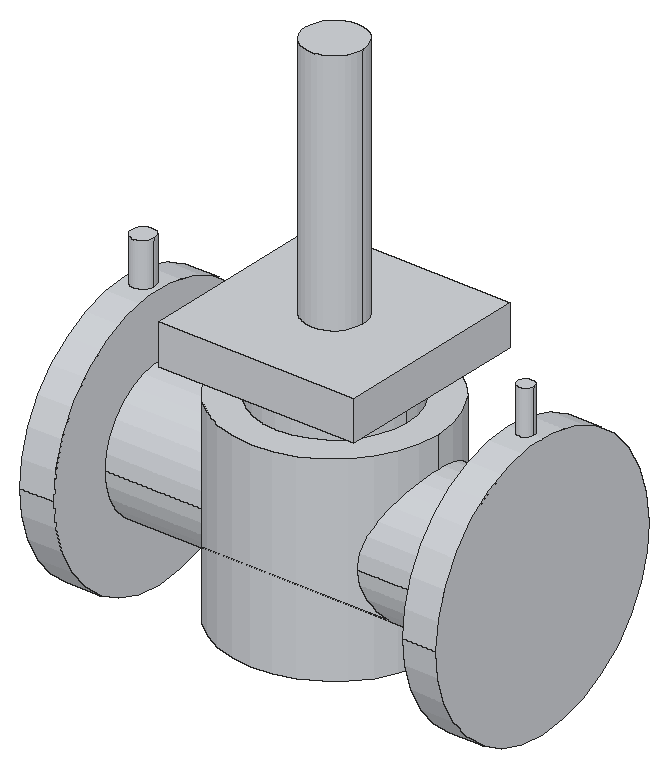
Revit family "OPTIMA_Compact_FLANGE_PN16_DN065-LF_RFA_2018", category Pipe Accessories, Revit 2018
Family settings
  Round Connector Dimension = Use Diameter
  Part Type = Valve - Breaks Into
  Work Plane-Based = No
  Always vertical = Yes
  Cut with Voids When Loaded = No
  Shared = No
Parameters (values of type "Optima Compact Flange PN16 DN065 LF")
  magiProductId = "Frese Optima Flange DN065 LF"
  magiProductFamilyId = "Frese Optima Flange *"
  magiPartTypeId = 304
  isMeasuringValve [instance] = no
  ang2D [instance] = 0.00°
  W2D = 50 mm
  VersionID = "2.0/2018.8.28.1/FRESE_OPTIMA_FLANGE_Q13_002"
  Use Minimum Symbol Size [instance] = yes
  URL = "www.hydronix.cz"
  Type Comments = "Přírubový; PN16; 0~120°C, s měřením"
  R4 = 50.75 mm
  R3 = 48.1 mm
  R1 = 72.5 mm
  QmdConnectorList = "301;D;302;D"
  Productdata [instance] = ""
  Manufacturer = "Hydronix"
  MC Product Code = "53-1201 (DN65 LF; 20mm; pohon min 1000N; Qmin-dpmin 4400l/h-15.0kPa; Qmax-dpmin 25000l/h-25.0kPa; dpmax 800kPa)"
  MC Piping Given Pressure Drop [instance] = 0.0 Pa
  LF__ve = -LF  # -23.2 mm
  LF2 = 11.6 mm
  LF = 23.2 mm
  L4 = 136.3 mm
  L3 = 243.6 mm
  L2D_Min = 3048 mm
  L2D = 230 mm
  L2 = 145 mm
  H6 = 171.25 mm
  H4 = 27.75 mm
  H3 = 23.125 mm
  H2 = 69.375 mm
  H1 = 138.75 mm
  Description = "Tlakově nezávislý 2-cestný regulační vyvažovací ventil (PICV)"
  DF2 = 92.5 mm
  D = 65 mm
  CAT0 = yes
Types (14, lengths in mm): name | magiProductId | magiProductFamilyId | W2D | Type Comments | R4 | R3 | R1 | MC Product Code | LF__ve | LF2 | LF | L4 | L3 | L2D | L2 | H6 | H4 | H3 | H2 | H1 | DF2 | D
  Optima Compact Flange PN16 DN050 LF | "Frese Optima Flange DN050 LF" | "Frese Optima Flange *" | 50 | "Přírubový; PN16; 0~120°C, s měřením" | 40.3 | 42.9 | 57.5 | "53-1200 (DN50 LF; 20mm; pohon min 1000N; Qmin-dpmin 2500l/h-6.5kPa; Qmax-dpmin 15000l/h-20.0kPa; dpmax 800kPa)" | -18.4 | 9.2 | 18.4 | 108.1 | 193.2 | 230 | 115 | 157.3 | 24.8 | 20.6 | 61.9 | 123.8 | 82.5 | 50
  Optima Compact Flange PN16 DN050 HF | "Frese Optima Flange DN050 HF" | "Frese Optima Flange *" | 50 | "Přírubový; PN16; 0~120°C, s měřením" | 40.25 | 42.9 | 57.5 | "53-1210 (DN50 HF; 20mm; pohon min 1000N; Qmin-dpmin 3900l/h-19.0kPa; Qmax-dpmin 24000l/h-50.0kPa; dpmax 800kPa)" | -18.4 | 9.2 | 18.4 | 108.1 | 193.2 | 230 | 115 | 157.25 | 24.75 | 20.625 | 61.875 | 123.75 | 82.5 | 50
  Optima Compact Flange PN16 DN065 LF | "Frese Optima Flange DN065 LF" | "Frese Optima Flange *" | 50 | "Přírubový; PN16; 0~120°C, s měřením" | 50.75 | 48.1 | 72.5 | "53-1201 (DN65 LF; 20mm; pohon min 1000N; Qmin-dpmin 4400l/h-15.0kPa; Qmax-dpmin 25000l/h-25.0kPa; dpmax 800kPa)" | -23.2 | 11.6 | 23.2 | 136.3 | 243.6 | 230 | 145 | 171.25 | 27.75 | 23.125 | 69.375 | 138.75 | 92.5 | 65
  Optima Compact Flange PN16 DN065 HF | "Frese Optima Flange DN065 HF" | "Frese Optima Flange *" | 50 | "Přírubový; PN16; 0~120°C, s měřením" | 50.75 | 48.1 | 72.5 | "53-1211 (DN65 HF; 20mm; pohon min 1000N; Qmin-dpmin 6000l/h-30.0kPa; Qmax-dpmin 35000l/h-55.0kPa; dpmax 800kPa)" | -23.2 | 11.6 | 23.2 | 136.3 | 243.6 | 230 | 145 | 171.25 | 27.75 | 23.125 | 69.375 | 138.75 | 92.5 | 65
  Optima Compact Flange PN16 DN080 LF | "Frese Optima Flange DN080 LF" | "Frese Optima Flange *" | 50 | "Přírubový; PN16; 0~120°C, s měřením" | 54.25 | 52 | 77.5 | "53-1202 (DN80 LF; 20mm; pohon min 1000N; Qmin-dpmin 5300l/h-16.0kPa; Qmax-dpmin 34000l/h-25.0kPa; dpmax 800kPa)" | -24.8 | 12.4 | 24.8 | 145.7 | 260.4 | 230 | 155 | 183 | 30 | 25 | 75 | 150 | 100 | 80
  Optima Compact Flange PN16 DN080 HF | "Frese Optima Flange DN080 HF" | "Frese Optima Flange *" | 50 | "Přírubový; PN16; 0~120°C, s měřením" | 54.25 | 52 | 77.5 | "53-1212 (DN80 HF; 20mm; pohon min 1000N; Qmin-dpmin 7000l/h-23.0kPa; Qmax-dpmin 43000l/h-50.0kPa; dpmax 800kPa)" | -24.8 | 12.4 | 24.8 | 145.7 | 260.4 | 230 | 155 | 183 | 30 | 25 | 75 | 150 | 100 | 80
  Optima Compact Flange PN16 DN100 LF | "Frese Optima Flange DN100 LF" | "Frese Optima Flange *" | 50 | "Přírubový; PN16; 0~120°C, s měřením" | 61.25 | 61.1 | 87.5 | "53-1203 (DN100 LF; 40mm; pohon min 1000N; Qmin-dpmin 12100l/h-20.0kPa; Qmax-dpmin 68000l/h-35.0kPa; dpmax 800kPa)" | -28 | 14 | 28 | 164.5 | 294 | 230 | 175 | 268.75 | 35.25 | 29.375 | 88.125 | 176.25 | 117.5 | 100
  Optima Compact Flange PN16 DN100 HF | "Frese Optima Flange DN100 HF" | "Frese Optima Flange *" | 50 | "Přírubový; PN16; 0~120°C, s měřením" | 61.25 | 61.1 | 87.5 | "53-1213 (DN100 HF; 40mm; pohon min 1000N; Qmin-dpmin 14800l/h-30.0kPa; Qmax-dpmin 90000l/h-75.0kPa; dpmax 800kPa)" | -28 | 14 | 28 | 164.5 | 294 | 230 | 175 | 268.75 | 35.25 | 29.375 | 88.125 | 176.25 | 117.5 | 100
  Optima Compact Flange PN16 DN125 LF | "Frese Optima Flange DN125 LF" | "Frese Optima Flange *" | 50 | "Přírubový; PN16; 0~120°C, s měřením" | 70 | 70.2 | 100 | "53-1204 (DN125 LF; 40mm; pohon min 1000N; Qmin-dpmin 18500l/h-16.0kPa; Qmax-dpmin 110000l/h-35.0kPa; dpmax 800kPa)" | -32 | 16 | 32 | 188 | 336 | 230 | 200 | 275.5 | 40.5 | 33.75 | 101.25 | 202.5 | 135 | 125
  Optima Compact Flange PN16 DN125 HF | "Frese Optima Flange DN125 HF" | "Frese Optima Flange *" | 50 | "Přírubový; PN16; 0~120°C, s měřením" | 70 | 70.2 | 100 | "53-1214 (DN125 HF; 40mm; pohon min 1000N; Qmin-dpmin 23000l/h-27.0kPa; Qmax-dpmin 135000l/h-53.0kPa; dpmax 800kPa)" | -32 | 16 | 32 | 188 | 336 | 230 | 200 | 275.5 | 40.5 | 33.75 | 101.25 | 202.5 | 135 | 125
  Optima Compact Flange PN16 DN150 LF | "Frese Optima Flange DN150 LF" | "Frese Optima Flange *" | 50 | "Přírubový; PN16; 0~110°C, s měřením" | 84 | 74.1 | 120 | "53-1205 (DN150 LF; 43mm; pohon min 1500N; Qmin-dpmin 25600l/h-21.0kPa; Qmax-dpmin 148000l/h-35.0kPa; dpmax 800kPa)" | -38.4 | 19.2 | 38.4 | 225.6 | 403.2 | 230 | 240 | 279.25 | 42.75 | 35.625 | 106.875 | 213.75 | 142.5 | 150
  Optima Compact Flange PN16 DN150 HF | "Frese Optima Flange DN150 HF" | "Frese Optima Flange *" | 50 | "Přírubový; PN16; 0~110°C, s měřením" | 84 | 74.1 | 120 | "53-1215 (DN150 HF; 43mm; pohon min 1500N; Qmin-dpmin 32000l/h-33.0kPa; Qmax-dpmin 195000l/h-65.0kPa; dpmax 800kPa)" | -38.4 | 19.2 | 38.4 | 225.6 | 403.2 | 230 | 240 | 279.25 | 42.75 | 35.625 | 106.875 | 213.75 | 142.5 | 150
  Optima Compact Flange PN16 DN200 LF | "" | "" | 100 | "Přírubový; PN16; 0~110°C, s měřením" | 164.5 | 98.8 | 235 | "53-1206 (DN200 LF; 43mm; pohon min 1500N; Qmin-dpmin 95000l/h-11.0kPa; Qmax-dpmin 210000l/h-32.0kPa; dpmax 800kPa)" | -48 | 24 | 48 | 282 | 504 | 350 | 300 | 281 | 57 | 15 | 209 | 380 | 190 | 200
  Optima Compact Flange PN16 DN200 HF | "" | "" | 100 | "Přírubový; PN16; 0~110°C, s měřením" | 164.5 | 98.8 | 235 | "53-1216 (DN200 HF; 43mm; pohon min 1500N; Qmin-dpmin 130000l/h-31.0kPa; Qmax-dpmin 280000l/h-78.0kPa; dpmax 800kPa)" | -48 | 24 | 48 | 282 | 504 | 350 | 300 | 281 | 57 | 15 | 209 | 380 | 190 | 200
Reference planes
  plane 1 "Center (Front/Back)": y = 0
  plane 2 "XYPLANE": z = 0
  plane 3 "Center (Left/Right)": x = 0
  plane 4 "157": x = 133.4
  plane 5 "156": x = -133.4
  plane 6 "155": z = 92.5
  plane 7 "154": z = 120.25
  plane 8 "153": z = 92.5
  plane 9 "152": z = 69.375
  plane 10 "151": x = -121.8
  plane 11 "150": z = -69.375
  plane 12 "149": x = 0
  plane 13 "148": y = 0
  plane 14 "147": z = 0
  plane 15 "146": x = -145
  plane 16 "145": x = 145
Forms (mm)
  Extrusion 1, solid, visible <- "CAT0"
    sketch origin (-750, 0, 92.5) x (1, 0, 0) y (0, 1, 0)
      loop
        circle (883.4, 0) r 5.5
    from 0 to 30
  Extrusion 2, solid, visible <- "CAT0"
    sketch origin (-750, 0, 92.5) x (1, 0, 0) y (0, 1, 0)
      loop
        circle (616.6, 0) r 7.9
    from 0 to 30
  Extrusion 3, solid, visible <- "CAT0"
    sketch origin (-750, 0, 120.25) x (1, 0, 0) y (0, 1, 0)
      loop
        circle (750, 0) r 20
    from 0 to 171.25 <- "H6"
  Extrusion 4, solid, visible <- "CAT0"
    sketch origin (-750, 0, 92.5) x (1, 0, 0) y (0, 1, 0)
      loop
        line (818.15, 68.15) -> (681.85, 68.15) -> (681.85, -68.15) -> (818.15, -68.15) -> (818.15, 68.15)
    from 0 to 27.75 <- "H4"
  Extrusion 5, solid, visible <- "CAT0"
    sketch origin (-750, 0, 69.375) x (1, 0, 0) y (0, 1, 0)
      loop
        circle (750, 0) r 50.75
    from 0 to 23.125 <- "H3"
  Extrusion 6, solid, visible <- "CAT0"
    sketch origin (-121.8, -750, 0) x (0, 1, 0) y (0, 0, 1)
      loop
        circle (750, 0) r 48.1
    from 0 to 243.6 <- "L3"
  Extrusion 7, solid, visible <- "CAT0"
    sketch origin (-750, 0, -69.375) x (1, 0, 0) y (0, 1, 0)
      loop
        circle (750, 0) r 72.5
    from 0 to 138.75 <- "H1"
  Extrusion 8, solid, visible <- "CAT0"
    sketch origin (-145, -750, 0) x (0, 1, 0) y (0, 0, 1)
      loop
        circle (750, 0) r 92.5
    from 0 to 23.2 <- "LF"
  Extrusion 9, solid, visible <- "CAT0"
    sketch origin (145, -750, 0) x (0, 1, 0) y (0, 0, 1)
      loop
        circle (750, 0) r 92.5
    from 0 to -23.2 <- "LF__ve"
  Extrusion 10, solid, not visible
    sketch origin (-145, -750, 0) x (0, 1, 0) y (0, 0, 1)
      loop
        circle (750, 0) r 10
    from 0 to 10
  Extrusion 11, solid, not visible
    sketch origin (145, -750, 0) x (0, 1, 0) y (0, 0, 1)
      loop
        circle (750, 0) r 10
    from 0 to -10
Lines and regions (mm)
  reference lines, not visible
    curve 1: circle (2, 2, 0) r 1 normal (0, 0, 1)
  reference lines
    curve 2: circle (0, 0, 92.5) r 1 normal (0, 0, 1)
Dimensions and locks
  plane 1 "Center (Front/Back)" to curve 1 = 2 mm
  "LF2": plane 16 "145" to plane 4 "157"
  "LF2": plane 15 "146" to plane 5 "156"
  "DF2": plane 2 "XYPLANE" to plane 6 "155"
  "H4": plane 8 "153" to plane 7 "154"
  "H3": plane 9 "152" to plane 8 "153"
  "H1": plane 11 "150" to plane 9 "152"
  "LF": plane 15 "146" to plane 10 "151"
  "H2": plane 2 "XYPLANE" to plane 11 "150"
  locked: plane 3 "Center (Left/Right)" to plane 12 "149"
  locked: plane 1 "Center (Front/Back)" to plane 13 "148"
  locked: plane 2 "XYPLANE" to plane 14 "147"
  "L2": plane 3 "Center (Left/Right)" to plane 15 "146"
  "L2": plane 3 "Center (Left/Right)" to plane 16 "145"
  equal spacing: Extrusion 4 sketch curve, curve 2, Extrusion 4 sketch curve  (x2)
  "L4": Extrusion 4 sketch curve to Extrusion 4 sketch curve  (x2)
  Extrusion 4 sketch curve to Extrusion 4 sketch curve = 0 mm  (x8)
  "R4": radius of Extrusion 5 sketch curve
  "R3": radius of Extrusion 6 sketch curve
  "R1": radius of Extrusion 7 sketch curve
  "DF2": radius of Extrusion 8 sketch curve
  "DF2": radius of Extrusion 9 sketch curve
  aligned and locked: level to plane 2 "XYPLANE"
  aligned and locked: plane 4 "157" to Extrusion 1 sketch curve
  aligned and locked: plane 13 "148" to Extrusion 1 sketch curve
  aligned and locked: plane 5 "156" to Extrusion 2 sketch curve
  aligned and locked: plane 13 "148" to Extrusion 2 sketch curve
  aligned and locked: plane 12 "149" to Extrusion 3 sketch curve
  aligned and locked: plane 13 "148" to Extrusion 3 sketch curve
  aligned and locked: plane 12 "149" to curve 2
  aligned and locked: plane 13 "148" to curve 2
  aligned and locked: plane 12 "149" to Extrusion 5 sketch curve
  aligned and locked: plane 13 "148" to Extrusion 5 sketch curve
  aligned and locked: Extrusion 6 sketch curve to plane 13 "148"
  aligned and locked: plane 14 "147" to Extrusion 6 sketch curve
  aligned and locked: plane 12 "149" to Extrusion 7 sketch curve
  aligned and locked: plane 13 "148" to Extrusion 7 sketch curve
  aligned and locked: Extrusion 8 sketch curve to plane 13 "148"
  aligned and locked: plane 14 "147" to Extrusion 8 sketch curve
  aligned and locked: Extrusion 9 sketch curve to plane 13 "148"
  aligned and locked: plane 14 "147" to Extrusion 9 sketch curve
  aligned and locked: Extrusion 10 sketch curve to plane 13 "148"
  aligned and locked: plane 14 "147" to Extrusion 10 sketch curve
  aligned and locked: Extrusion 11 sketch curve to plane 13 "148"
  aligned and locked: plane 14 "147" to Extrusion 11 sketch curve
Automatic sketch dimensions
  Extrusion 1 sketch curve to plane 4 "157" = 5.5 mm
  plane 15 "146" to Extrusion 2 sketch curve = 3.7 mm
  Extrusion 3 sketch curve to plane 3 "Center (Left/Right)" = 20 mm
  plane 1 "Center (Front/Back)" to Extrusion 10 sketch curve = 10 mm
  plane 1 "Center (Front/Back)" to Extrusion 11 sketch curve = 10 mm
  plane 3 "Center (Left/Right)" to curve 1 = 2 mm
  plane 10 "151" to Extrusion 4 sketch curve = 53.65 mm
  plane 1 "Center (Front/Back)" to Extrusion 4 sketch curve = 68.15 mm
  radius of curve 2 = 1 mm
  radius of curve 1 = 1 mm
Connectors
  piping at (-145, 0, 0), diameter 65, driven by "D"
    settings: on Extrusion 10, index 1, connector inside diameter 609.6 mm, connector length 0 mm, flow factor 0, pipe flow 0.0 L/s, pressure drop 0.0 Pa, fitting loss kfactor 0, connector angle 0.00°, fixture units 0, engagement length 0 mm, angle of deflection 0.00°, flow configuration 0, flow direction 0, fitting loss method 0, system type 29, joint type 0, gender type 0, connector reference index 2, connector utility 0, adjustable connector no, is connector primary yes, connector description ""
  piping at (145, 0, 0), diameter 65, driven by "D"
    settings: on Extrusion 11, index 2, connector inside diameter 609.6 mm, connector length 0 mm, flow factor 0, pipe flow 0.0 L/s, pressure drop 0.0 Pa, fitting loss kfactor 0, connector angle 0.00°, fixture units 0, engagement length 0 mm, angle of deflection 0.00°, flow configuration 0, flow direction 0, fitting loss method 0, system type 29, joint type 0, gender type 0, connector reference index 1, connector utility 0, adjustable connector no, is connector primary no, connector description ""
